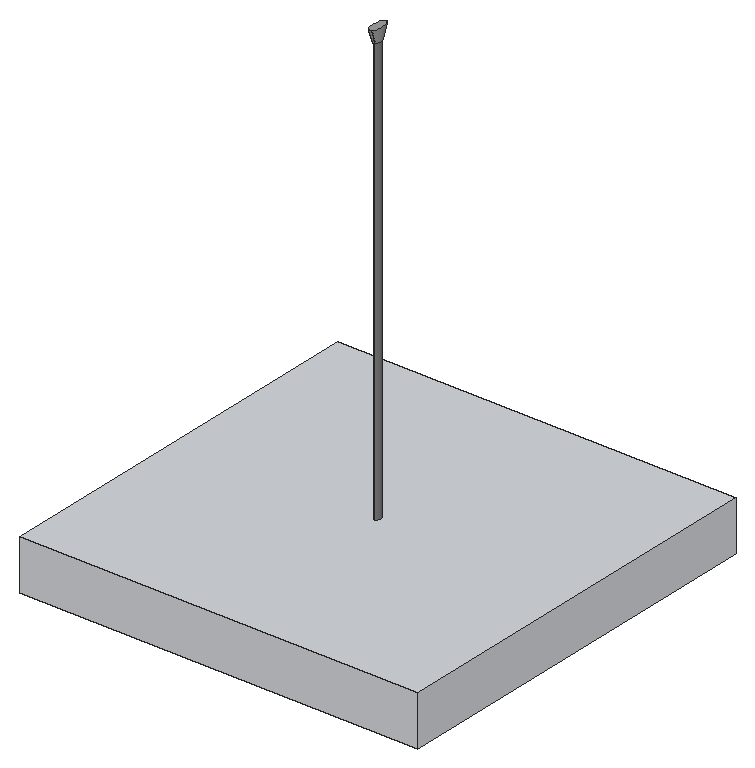
Revit family "Legrand Benelux Ovaline Column Kit", category Installations électriques, Revit 2020
Family settings
  Hôte = Face
  Conserver l'orientation des annotations = Non
  Cote de connecteur circulaire = Utiliser le diamètre
  Type d'élément = Normal
  Couper avec des vides une fois chargée = Non
  Partagée = Non
  Point de calcul de pièce = Non
Parameters (values of type "Ovaline kit mini Column T2 White")
  h1 = 2700 mm
  Standard = "Ovaline"
  Number of compartments = "Other"
  Modèle = "LG-653063"
  Main Material = "Aluminum"
  Finishing = "White"
  Fabricant = "LEGRAND"
  Default Elevation = 0 mm
  Description = "ovaline kit extension for mini Column 2 cpts cv45mm or 1 cpt cv80mm White"
Types (6, lengths in mm): name | Modèle | Finishing | Description
  Ovaline kit mini Column 1C White | "LG-653060" | "White" | "ovaline kit extension for mini Column 1 cpt cv45mm White"
  Ovaline kit mini Column 1C Alu | "LG-653061" | "Aluminum" | "ovaline kit extension for mini Column 1 cpt cv45mm Alu"
  Ovaline kit mini  Column 1C Black | "LG-653062" | "Black" | "ovaline kit extension for mini Column 1 cpt cv45mm Black"
  Ovaline kit mini Column T2 White | "LG-653063" | "White" | "ovaline kit extension for mini Column 2 cpts cv45mm or 1 cpt cv80mm White"
  Ovaline kit mini Column T2 Alu | "LG-653064" | "Aluminum" | "ovaline kit extension for mini Column 2 cpts cv45mm or 1 cpt cv80mm Alu"
  Ovaline kit mini Column T2 Black | "LG-653065" | "Black" | "ovaline kit extension for mini Column 2 cpts cv45mm or 1 cpt cv80mm Black"
Reference planes
  plane 1 "Centre (avant/arrière)": y = 0
  plane 2: z = 0
  plane 3 "Centre (gauche/droite)": x = 0
  plane 4: z = 2700
  plane 5: z = 2620
Forms (mm)
  Extrusion 1, solid
    sketch origin (0, 0, 0) x (1, 0, 0) y (0, 1, 0)
      loop
        line (-1219.2, 1219.2) -> (-1219.2, -1219.2) -> (1219.2, -1219.2) -> (1219.2, 1219.2) -> (-1219.2, 1219.2)
    from 0 to -304.8
  Extrusion 2, solid, material "Legrand - Aluminium gris"
    sketch origin (0, 0, 0) x (1, 0, 0) y (0, 1, 0)
      loop
        arc (-5, 27.5) -> (-16.5, 0) -> (-5, -27.5) r 38.63
        line (-5, -27.5) -> (5, -27.5)
        arc (5, -27.5) -> (16.5, 0) -> (5, 27.5) r 38.63
        line (5, 27.5) -> (-5, 27.5)
    from 0 to 2620
  Blend 3, solid, material "Legrand - PVC  Gris"
    base sketch origin (0, 0, 2700) x (0, -1, 0) y (1, 0, 0)
      loop
        arc (-60, -10) -> (0, -27.5) -> (60, -10) r 111.607
        arc (60, -10) -> (65, 0) -> (60, 10) r 12.5
        arc (60, 10) -> (0, 27.5) -> (-60, 10) r 111.607
        arc (-60, 10) -> (-65, 0) -> (-60, -10) r 12.5
    top sketch origin (0, 0, 2700) x (0, -1, 0) y (1, 0, 0)
      loop
        arc (28.924, -6.405) -> (31.551, 0) -> (28.924, 6.405) r 9.119
        arc (28.924, 6.405) -> (0, 18.5) -> (-28.924, 6.405) r 40.63
        arc (-28.924, 6.405) -> (-31.551, 0) -> (-28.924, -6.405) r 9.119
        arc (-28.924, -6.405) -> (0, -18.5) -> (28.924, -6.405) r 40.63
    from 0 to -80
Dimensions and locks
  "h1": plane 4 to plane 2
  locked: plane 4 to plane 5 at 80
  aligned and locked: plane 2 to Extrusion 1
  aligned and locked: level to Extrusion 1
  aligned and locked: Extrusion 2 to Blend 3
  aligned and locked: plane 4 to Blend 3
  aligned and locked: Blend 3 to plane 5
  aligned and locked: plane 5 to Extrusion 2
  aligned and locked: Extrusion 2 to level
Automatic sketch dimensions
  Extrusion 1 sketch curve to Extrusion 1 sketch curve = 2438.4 mm  (x2)
  plane 1 "Centre (avant/arrière)" to Extrusion 2 sketch curve = 0 mm  (x2)
  Extrusion 2 sketch curve to plane 3 "Centre (gauche/droite)" = 22.13 mm
  Extrusion 2 sketch curve to plane 3 "Centre (gauche/droite)" = 5 mm  (x2)
  plane 3 "Centre (gauche/droite)" to Extrusion 2 sketch curve = 5 mm
  plane 3 "Centre (gauche/droite)" to Extrusion 2 sketch curve = 22.13 mm
  plane 1 "Centre (avant/arrière)" to Extrusion 2 sketch curve = 27.5 mm
  Blend 3 sketch curve to plane 3 "Centre (gauche/droite)" = 0 mm  (x4)
  plane 1 "Centre (avant/arrière)" to Blend 3 sketch curve = 0 mm  (x4)
  Blend 3 sketch curve to plane 1 "Centre (avant/arrière)" = 52.5 mm
  plane 1 "Centre (avant/arrière)" to Blend 3 sketch curve = 52.5 mm
  Blend 3 sketch curve to plane 3 "Centre (gauche/droite)" = 84.107 mm
  plane 3 "Centre (gauche/droite)" to Blend 3 sketch curve = 84.107 mm
  Blend 3 sketch curve to Blend 3 sketch curve = 7.5 mm  (x3)
  Blend 3 sketch curve to plane 3 "Centre (gauche/droite)" = 10 mm
  Blend 3 sketch curve to plane 1 "Centre (avant/arrière)" = 22.432 mm
  plane 1 "Centre (avant/arrière)" to Blend 3 sketch curve = 22.432 mm
  Blend 3 sketch curve to plane 3 "Centre (gauche/droite)" = 22.13 mm
  plane 3 "Centre (gauche/droite)" to Blend 3 sketch curve = 22.13 mm
  plane 3 "Centre (gauche/droite)" to Blend 3 sketch curve = 6.405 mm
  Blend 3 sketch curve to plane 3 "Centre (gauche/droite)" = 6.405 mm
  Blend 3 sketch curve to Blend 3 sketch curve = 0 mm  (x2)
